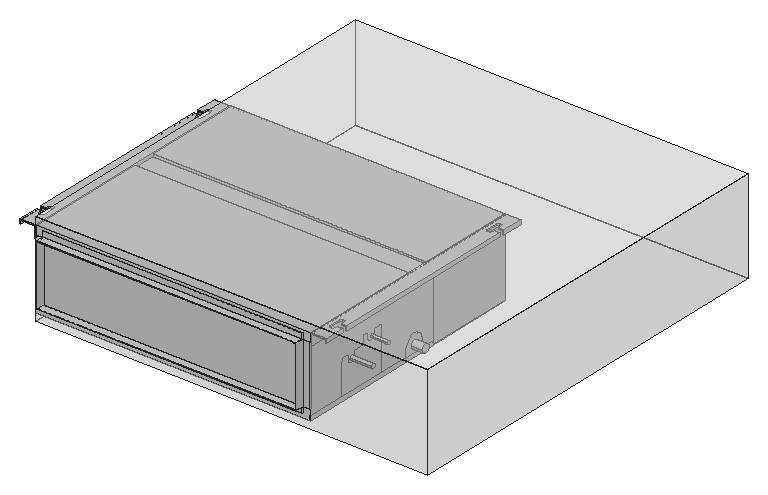
Revit family "outputfile", category 機械設備, Revit 2024
Family settings
  丸型コネクタ寸法 = 半径を使用
  パーツ タイプ = 標準
  OmniClass 番号 = 23.75.10.24.21.27.27
  OmniClass タイトル = Split System Air Conditioning Units
  作業面ベース = いいえ
  常に垂直 = はい
  ロード時にボイドで切り取り = いいえ
  注釈の向きを維持 = いいえ
  共有 = いいえ
  部屋計算ポイント = はい
Parameters (values of type "CDKS25EAVMA")
  Description = ""
  書き出し IFC クラス(タイプ) = "IfcUnitaryEquipmentType"
  定義済み IFC タイプ(タイプ) = "AIRCONDITIONINGUNIT"
  Cost = 0
  Type Comments = ""
  Keynote = ""
  Type Image = (empty or 0)
  Assembly Code = ""
  switch_frequency = yes
  ld_powersupply = Depth / 2  # 310.0 mm
  製造元 = "Daikin"
  モデル = "CDKS25EAVMA"
  r_Liquid Pipe Size = Liquid Pipe Size / 2  # 3.2 mm
  r_Gas Pipe Size = Gas Pipe Size / 2  # 4.75 mm
  r_Drain Pipe Size = Drain Pipe Size / 2  # 10.0 mm
  lw_powersupply = 50.0 mm  # constant formula
  lw_ductflange2 = 620.0 mm
  lw_Width = 660.0 mm
  lh_suctionflange [instance] = 100.0 mm  # constant formula
  ld_suctionflange [instance] = if(Rear Connection_Return Air, 190.0 mm, 100.0 mm)  # 190.0 mm
  connector_voltage = Voltage_50Hz  # 230 V
  connector_powerinput = [Power Input (Cooling)]  # 0.000 kW
  connector_phase = Phase_50Hz  # 1
  angle_vertical_RA [instance] = if(Rear Connection_Return Air, 90.00°, 0.00°)  # 90.00°
  angle horizontal_RA [instance] = if(Rear Connection_Return Air, 180.00°, 270.00°)  # 180.00°
  Voltage_comment_50Hz = "220 - 240"
  Voltage_50Hz = 230 V
  URL = ""
  Supply Air Direction [instance] = yes
  Sound Power Level_H speed (dB) = 0
  Rear Connection_Return Air [instance] = not(Bottom Connection_Return Air)  # yes
  RA_length [instance] = if(Rear Connection_Return Air, 190.0 mm, 100.0 mm)  # 190.0 mm
  Phase_50Hz = 1
  Minimum External Static Pressure = 0.00 Pa
  Minimum Circuit Amps_50Hz = 0.0 A
  Maximum Fuse Amps_50Hz = 0.0 A
  Maximum External Static Pressure = 30.00 Pa
  Material_Casing = DAIKIN_GalvanizedSteel_Casing_indoorunit
  lw_liquidpipe = 46.0 mm  # constant formula
  lw_gaspipe = 57.0 mm  # constant formula
  lw_mountinghole = 740.0 mm  # constant formula
  lw_drainpipe = 30.0 mm  # constant formula
  lh_powersupply = 150.0 mm  # constant formula
  lh_liquidpipe = 90.0 mm  # constant formula
  lh_gaspipe = 113.0 mm  # constant formula
  lh_mountinghole = Height  # 200.0 mm
  lh_drainpipe = 170.0 mm  # constant formula
  lh_antena = 1.0 mm  # constant formula
  ld_liquidpipe = 193.0 mm  # constant formula
  ld_gaspipe = 130.0 mm  # constant formula
  ld_mountinghole = 500.0 mm  # constant formula
  ld_drainpipe = 330.0 mm  # constant formula
  ld_controlbox = 626.0 mm  # constant formula
  h*** = 0.0 mm  # constant formula
  d_dischargeflange = 21.2 mm  # constant formula
  Width = 700.0 mm
  Version = "ver.1.0"
  Unit Type = "Duct (L.S.P)"
  Unit Mass Weight = 21.00 kg
  Unit Designation [instance] = ""
  Uniclass2015Version = "Products v1.30"
  Uniclass2015Title = "Split coil room air conditioning units"
  Uniclass2015Code = "Pr_70_65_03_86"
  Total Cooling Capacity [instance] = 0.000 kW
  Sound Pressure Level_M speed (dBA) = 33
  Sound Pressure Level_L speed (dBA) = 31
  Sound Pressure Level_H speed (dBA) = 35
  Series = "Multi Split_Fan Coil Unit"
  Sensible Cooling Capacity [instance] = 0.000 kW
  SA Duct Size Width = 660.0 mm
  SA Duct Size Height = 153.0 mm
  Refrigerant Type = "R410A"
  RA Duct Size Width = 580.0 mm
  RA Duct Size Height = 160.0 mm
  Power Input (Cooling) = 0.000 kW
  Option Accessory 3 [instance] = ""
  Option Accessory 2 [instance] = ""
  Option Accessory 1 [instance] = ""
  Nominal Cooling Capacity = 2.500 kW
  Minimum Airflow = 438.00 m³/h
  Median Airflow = 480.00 m³/h
  Maximum Airflow = 522.00 m³/h
  Load Classification = HVAC
  Liquid Pipe Size = 6.4 mm
  Link_Nested Family [instance] = ""
  IfcVersion = ""
  IfcExportType = "AIRCONDITIONINGUNIT"
  IfcExportAs = "IfcUnitaryEquipmentType"
  Height = 200.0 mm
  Heat Exchanger Type = "Cross Fin Coil"
  Gas Pipe Size = 9.5 mm
  Frequency_50Hz = 50 Hz
  Fan Type = "Sirocco Fan"
  Fan Drive = "Direct Drive"
  FCU Tag No. [instance] = ""
  Drain Pipe Size = 20.0 mm
  Design Supply Airflow [instance] = 0.00 m³/h
  Design Return Airflow [instance] = 0.00 m³/h
  Design External Static Pressure [instance] = 0.00 Pa
  Depth = 620.0 mm
  既定の高さ = 0.0 mm
  Cooling Entering Wet Bulb Temperature [instance] = 0.00 °C
  Cooling Entering Dry Bulb Temperature [instance] = 0.00 °C
  Cooling Ambient Wet Bulb Temperature [instance] = 0.00 °C
  Cooling Ambient Dry Bulb Temperature [instance] = 0.00 °C
  Clearance visibility [instance] = yes
  Clearance Top = 20.0 mm
  Clearance Right = 300.0 mm
  Clearance Rear = 400.0 mm
  Clearance Left = 0.0 mm
  Clearance Front = 0.0 mm
  Clearance Bottom = 20.0 mm
  Bottom Connection_Return Air [instance] = no
Reference planes
  plane 1 "Center (Front/Back)": y = 0
  plane 2: z = 0
  plane 3 "Center (Left/Right)": x = 0
  plane 4 "Back": y = 310
  plane 5 "Front": y = -310
  plane 6 "Left": x = -350
  plane 7 "Right": x = 350
  plane 8 "Top": z = 0
  plane 9 "Bottom": z = -200
  plane 10: x = -370
  plane 11: x = 370
  plane 12: y = 250
  plane 13: z = 0
  plane 14 "Clearance Left": x = -350
  plane 15 "Clearance Right": x = 650
  plane 16 "Clearance Rear": y = 710
  plane 17 "Clearance Front": y = -310
  plane 18 "Clearance Top": z = 20
  plane 19 "Clearance Bottom": z = -220
  plane 20: y = -250
  plane 21: z = -21
  plane 22: z = -97.5
  plane 23: x = -40
  plane 24: y = 120
  plane 25: z = -100
  plane 26: y = -180
  plane 27: z = -113
  plane 28: y = -117
  plane 29: z = -90
  plane 30: y = 20
  plane 31: z = -170
  plane 32: x = 407
  plane 33: x = 396
  plane 34: x = 380
  plane 35: x = 300
  plane 36: z = -150
Forms (mm)
  Extrusion 1, solid, material "DAIKIN_GalvanizedSteel_Casing_indoorunit" <- "Material_Casing"
    sketch origin (0, 0, 0) x (1, 0, 0) y (0, 1, 0)
      loop
        line (-350, -310) -> (350, -310) -> (350, 310) -> (-350, 310) -> (-350, -310)
    from -200 to 0
  Extrusion 2, void
    sketch origin (0, 0, 1) x (1, 0, 0) y (0, 1, 0)
      loop
        line (-350, 61.5) -> (-350, 3.5) -> (350, 3.5) -> (350, 61.5) -> (-350, 61.5)
    from -1 to -7
  Extrusion 3, solid, material "DAIKIN_GalvanizedSteel_Casing_indoorunit" <- "Material_Casing", visible <- "Bottom Connection_Return Air"
    sketch origin (0, 0, 0) x (1, 0, 0) y (0, 0, 1)
      loop
        line (269, -200) -> (269, -1) -> (-349, -1) -> (-349, -200) -> (269, -200)
    from -310 to -309
  Extrusion 4, solid, material "DAIKIN_GalvanizedSteel_Casing_indoorunit" <- "Material_Casing", visible <- "Rear Connection_Return Air"
    sketch origin (0, 0, 0) x (1, 0, 0) y (0, 1, 0)
      loop
        line (-349, 310) -> (-349, 111) -> (269, 111) -> (269, 310) -> (-349, 310)
    from -200 to -199
  Extrusion 5, solid, material "DAIKIN_GalvanizedSteel_Casing_indoorunit" <- "Material_Casing"
    sketch origin (350, 0, 0) x (0, 1, 0) y (0, 0, 1)
      loop
        circle (-180, -113) r 4.75
    from 0 to 57
  Extrusion 6, solid, material "DAIKIN_GalvanizedSteel_Casing_indoorunit" <- "Material_Casing"
    sketch origin (350, 0, 0) x (0, 1, 0) y (0, 0, 1)
      loop
        circle (-117, -90) r 3.2
    from 0 to 46
  Extrusion 7, solid, material "DAIKIN_GalvanizedSteel_Casing_indoorunit" <- "Material_Casing"
    sketch origin (350, 0, 0) x (0, 1, 0) y (0, 0, 1)
      loop
        circle (20, -170) r 10
    from 0 to 30
  Extrusion 8, solid, material "DAIKIN_GalvanizedSteel_Casing_indoorunit" <- "Material_Casing"
    sketch origin (350, 0, 0) x (0, 1, 0) y (0, 0, 1)
      loop
        line (-310, -200) -> (78.6, -200) -> (78.6, -193)
        arc (78.6, -193) -> (77.721, -190.879) -> (75.6, -190) r 3
        line (75.6, -190) -> (-310, -190) -> (-310, -200)
    from 0 to -1
  Extrusion 9, solid, material "DAIKIN_GalvanizedSteel_Casing_indoorunit" <- "Material_Casing"
    sketch origin (350, 0, 0) x (0, 1, 0) y (0, 0, 1)
      loop
        line (-210, -190) -> (-85.6, -190) -> (-85.6, -83)
        arc (-85.6, -83) -> (-86.479, -80.879) -> (-88.6, -80) r 3
        line (-88.6, -80) -> (-102, -80)
        arc (-102, -80) -> (-104.121, -80.879) -> (-105, -83) r 3
        line (-105, -83) -> (-105, -90)
        arc (-105, -90) -> (-117, -102) -> (-129, -90) r 12
        line (-129, -90) -> (-129, -83)
        arc (-129, -83) -> (-129.879, -80.879) -> (-132, -80) r 3
        line (-132, -80) -> (-136.1, -80)
        arc (-136.1, -80) -> (-138.221, -80.879) -> (-139.1, -83) r 3
        line (-139.1, -83) -> (-139.1, -102.7) -> (-165, -102.7)
        arc (-165, -102.7) -> (-167.121, -103.579) -> (-168, -105.7) r 3
        line (-168, -105.7) -> (-168, -113)
        arc (-168, -113) -> (-180, -125) -> (-192, -113) r 12
        line (-192, -113) -> (-192, -105.7)
        arc (-192, -105.7) -> (-192.879, -103.579) -> (-195, -102.7) r 3
        line (-195, -102.7) -> (-207, -102.7)
        arc (-207, -102.7) -> (-209.121, -103.579) -> (-210, -105.7) r 3
        line (-210, -105.7) -> (-210, -190)
    from 0 to -1
  Extrusion 10, solid, material "DAIKIN_GalvanizedSteel_Casing_indoorunit" <- "Material_Casing"
    sketch origin (350, 0, 0) x (0, 1, 0) y (0, 0, 1)
      loop
        arc (44.5, -170) -> (20, -145.5) -> (-4.5, -170) r 24.5
        line (-4.5, -170) -> (-4.5, -190) -> (44.5, -190) -> (44.5, -170)
    from 0 to -1
  Extrusion 11, solid, material "DAIKIN_GalvanizedSteel_Casing_indoorunit" <- "Material_Casing"
    sketch origin (350, 0, 0) x (0, 1, 0) y (0, 0, 1)
      loop
        arc (86.6, -22) -> (84.479, -22.879) -> (83.6, -25) r 3
        line (83.6, -25) -> (83.6, -194.5)
        arc (83.6, -194.5) -> (84.479, -196.621) -> (86.6, -197.5) r 3
        line (86.6, -197.5) -> (307, -197.5)
        arc (307, -197.5) -> (309.121, -196.621) -> (310, -194.5) r 3
        line (310, -194.5) -> (310, -25)
        arc (310, -25) -> (309.121, -22.879) -> (307, -22) r 3
        line (307, -22) -> (86.6, -22)
    from 0 to -1
Cuts and joins
  Extrusion 2 cuts Extrusion 1
Dimensions and locks
  "Height": plane 8 "Top" to plane 9 "Bottom"
  equal spacing: plane 10, plane 3 "Center (Left/Right)", plane 11
  "lw_mountinghole": plane 10 to plane 11
  equal spacing: plane 6 "Left", plane 3 "Center (Left/Right)", plane 7 "Right"
  "Width": plane 6 "Left" to plane 7 "Right"
  "Clearance Right": plane 7 "Right" to plane 15 "Clearance Right"
  "Clearance Left": plane 14 "Clearance Left" to plane 6 "Left"
  "Clearance Rear": plane 16 "Clearance Rear" to plane 4 "Back"
  "Clearance Front": plane 5 "Front" to plane 17 "Clearance Front"
  "Clearance Top": plane 18 "Clearance Top" to plane 8 "Top"
  "Clearance Bottom": plane 9 "Bottom" to plane 19 "Clearance Bottom"
  "Depth": plane 4 "Back" to plane 5 "Front"
  equal spacing: plane 4 "Back", plane 1 "Center (Front/Back)", plane 5 "Front"
  Extrusion 3 sketch curve to Extrusion 3 sketch curve = 199.0 mm
  locked: plane 20 to plane 5 "Front" at 60
  "ld_mountinghole": plane 12 to plane 20
  locked: plane 8 "Top" to plane 21 at 21
  locked: plane 23 to plane 3 "Center (Left/Right)" at 40
  "ld_suctionflange": plane 4 "Back" to plane 24
  "lh_suctionflange": plane 8 "Top" to plane 25
  "ld_gaspipe": plane 26 to plane 5 "Front"
  "lh_gaspipe": plane 8 "Top" to plane 27
  "ld_liquidpipe": plane 28 to plane 5 "Front"
  "lh_liquidpipe": plane 8 "Top" to plane 29
  "ld_drainpipe": plane 30 to plane 5 "Front"
  "lh_drainpipe": plane 8 "Top" to plane 31
  "lw_gaspipe": plane 7 "Right" to plane 32
  "lw_liquidpipe": plane 7 "Right" to plane 33
  "lw_drainpipe": plane 7 "Right" to plane 34
  "lw_powersupply": plane 35 to plane 7 "Right"
  "lh_powersupply": plane 8 "Top" to plane 36
  "r_Gas Pipe Size": radius of Extrusion 5 sketch curve
  "r_Liquid Pipe Size": radius of Extrusion 6 sketch curve
  "r_Drain Pipe Size": radius of Extrusion 7 sketch curve
  aligned and locked: level to plane 2
  aligned and locked: Extrusion 1 to plane 9 "Bottom"
  aligned and locked: plane 8 "Top" to Extrusion 1
  aligned and locked: plane 11 to nested 2
  aligned and locked: plane 10 to nested 3
  aligned and locked: plane 10 to nested 4
  aligned and locked: plane 8 "Top" to Extrusion 2
  aligned and locked: plane 9 "Bottom" to Extrusion 4  (x2)
  aligned and locked: plane 7 "Right" to cut or joined group of Extrusion 1, Extrusion 2  (x2)
  aligned and locked: plane 3 "Center (Left/Right)" to nested 9
  aligned and locked: plane 6 "Left" to nested 7
  aligned and locked: plane 8 "Top" to nested 9
  aligned and locked: plane 11 to nested 1
  aligned and locked: nested 6 to plane 1 "Center (Front/Back)"
  aligned and locked: plane 3 "Center (Left/Right)" to nested 6
  aligned and locked: level to plane 8 "Top"
  aligned and locked: plane 1 "Center (Front/Back)" to nested 9
  aligned and locked: plane 5 "Front" to nested 10
  aligned and locked: Extrusion 1 sketch curve to plane 5 "Front"
  aligned and locked: plane 21 to nested 10
  aligned and locked: nested 5 to plane 5 "Front"
  aligned and locked: plane 3 "Center (Left/Right)" to nested 5
  aligned and locked: plane 22 to nested 5
  aligned and locked: Extrusion 2 sketch curve to plane 6 "Left"
  aligned and locked: plane 7 "Right" to Extrusion 2 sketch curve
  aligned and locked: nested 11 to plane 23
  aligned and locked: nested 11 to plane 24
  aligned and locked: plane 27 to Extrusion 5 sketch curve
  aligned and locked: plane 26 to Extrusion 5 sketch curve
  aligned and locked: plane 28 to Extrusion 6 sketch curve
  aligned and locked: plane 29 to Extrusion 6 sketch curve
  aligned and locked: plane 31 to Extrusion 7 sketch curve
  aligned and locked: plane 30 to Extrusion 7 sketch curve
  aligned and locked: plane 26 to nested 12
  aligned and locked: nested 12 to plane 27
  aligned and locked: plane 32 to Extrusion 5
  aligned and locked: plane 32 to nested 12
  aligned and locked: plane 33 to Extrusion 6
  aligned and locked: plane 28 to nested 13
  aligned and locked: nested 13 to plane 29
  aligned and locked: plane 33 to nested 13
  aligned and locked: plane 34 to Extrusion 7
  aligned and locked: plane 30 to nested 14
  aligned and locked: nested 14 to plane 31
  aligned and locked: plane 34 to nested 14
  aligned and locked: Extrusion 8 sketch curve to plane 9 "Bottom"
  aligned and locked: Extrusion 8 sketch curve to plane 5 "Front"
  aligned and locked: plane 14 "Clearance Left" to nested 15
  aligned and locked: plane 15 "Clearance Right" to nested 15
  aligned and locked: plane 16 "Clearance Rear" to nested 15
  aligned and locked: nested 15 to plane 17 "Clearance Front"
  aligned and locked: nested 15 to plane 18 "Clearance Top"
  aligned and locked: nested 15 to plane 19 "Clearance Bottom"
  aligned and locked: nested 16 to plane 35
  aligned and locked: nested 16 to plane 36
  aligned and locked: plane 4 "Back" to nested 16
Automatic sketch dimensions
  Extrusion 1 sketch curve to plane 4 "Back" = 0.0 mm
  Extrusion 1 sketch curve to plane 6 "Left" = 0.0 mm
  Extrusion 1 sketch curve to plane 7 "Right" = 0.0 mm
  Extrusion 4 sketch curve to plane 4 "Back" = 0.0 mm
  plane 6 "Left" to Extrusion 3 sketch curve = 1.0 mm
  plane 6 "Left" to Extrusion 4 sketch curve = 1.0 mm
  Extrusion 4 sketch curve to plane 1 "Center (Front/Back)" = 111.0 mm
  Extrusion 3 sketch curve to plane 9 "Bottom" = 0.0 mm
  Extrusion 3 sketch curve to plane 7 "Right" = 81.0 mm
  Extrusion 4 sketch curve to plane 7 "Right" = 81.0 mm
  Extrusion 2 sketch curve to plane 1 "Center (Front/Back)" = 3.5 mm
  Extrusion 2 sketch curve to Extrusion 2 sketch curve = 58.0 mm
  plane 9 "Bottom" to Extrusion 8 sketch curve = 7.0 mm
  Extrusion 8 sketch curve to plane 24 = 44.4 mm
  Extrusion 8 sketch curve to Extrusion 8 sketch curve = 3.0 mm
  Extrusion 9 sketch curve to plane 27 = 0.0 mm
  Extrusion 9 sketch curve to plane 26 = 0.0 mm
  Extrusion 9 sketch curve to plane 29 = 0.0 mm
  Extrusion 9 sketch curve to plane 28 = 0.0 mm
  Extrusion 9 sketch curve to plane 26 = 12.0 mm
  Extrusion 9 sketch curve to plane 25 = 2.7 mm  (x2)
  Extrusion 9 sketch curve to Extrusion 9 sketch curve = 3.0 mm  (x6)
  Extrusion 9 sketch curve to Extrusion 9 sketch curve = 12.0 mm
  plane 9 "Bottom" to Extrusion 9 sketch curve = 10.0 mm
  Extrusion 9 sketch curve to plane 26 = 30.0 mm
  Extrusion 9 sketch curve to plane 28 = 22.1 mm
  Extrusion 9 sketch curve to Extrusion 9 sketch curve = 4.1 mm
  plane 29 to Extrusion 9 sketch curve = 7.0 mm  (x2)
  Extrusion 9 sketch curve to Extrusion 9 sketch curve = 13.4 mm
  Extrusion 10 sketch curve to plane 30 = 0.0 mm
  Extrusion 10 sketch curve to plane 31 = 0.0 mm
  plane 1 "Center (Front/Back)" to Extrusion 10 sketch curve = 4.5 mm
  plane 9 "Bottom" to Extrusion 10 sketch curve = 10.0 mm
  Extrusion 11 sketch curve to plane 4 "Back" = 0.0 mm
  Extrusion 11 sketch curve to Extrusion 11 sketch curve = 3.0 mm  (x3)
  Extrusion 11 sketch curve to plane 21 = 1.0 mm
  Extrusion 11 sketch curve to plane 21 = 4.0 mm
  Extrusion 11 sketch curve to plane 24 = 33.4 mm
  plane 9 "Bottom" to Extrusion 11 sketch curve = 5.5 mm
Nested families
  nested 1: "daikin_mountinghole" at (370, 250, -200), l_antenna <- "lh_antena", Link_Nested Family <- "Link_Nested Family", h_mountinghole <- "lh_mountinghole", type "daikin_mountinghole"
    with show yes, l_antenna 1.0 mm, h_mountinghole 200.0 mm, Link_Nested Family ""
  nested 2: "daikin_mountinghole" at (370, -250, -200), Link_Nested Family <- "Link_Nested Family", l_antenna <- "lh_antena", h_mountinghole <- "lh_mountinghole", type "daikin_mountinghole"
    with show yes, l_antenna 1.0 mm, h_mountinghole 200.0 mm, Link_Nested Family ""
  nested 3: "daikin_mountinghole" at (-370, -250, -200), l_antenna <- "lh_antena", Link_Nested Family <- "Link_Nested Family", h_mountinghole <- "lh_mountinghole", type "daikin_mountinghole"
    with show yes, l_antenna 1.0 mm, h_mountinghole 200.0 mm, Link_Nested Family ""
  nested 4: "daikin_mountinghole" at (-370, 250, -200), l_antenna <- "lh_antena", Link_Nested Family <- "Link_Nested Family", h_mountinghole <- "lh_mountinghole", type "daikin_mountinghole"
    with show yes, l_antenna 1.0 mm, h_mountinghole 200.0 mm, Link_Nested Family ""
  nested 5: "daikin_connector_rotate2" at (0, -310, -97.5), length <- "d_dischargeflange", type "daikin_connector_rotate2"
    with radius 10.0 mm, length 21.2 mm, angle_vertical 90.00°, show_face no
  nested 6: "daikin_△_symbolicline" at (-75, -129.904, 200) x (-0.5, 0.866, 0) z (0, 0, 1), built-in parameter 1001364 <- "Height", visible <- "Supply Air Direction", type "daikin_△_symbolicline"
    with length 300.0 mm
  nested 7: "daikin_ductflange_CDKS-EAVMA1" at (-40, 310, -100), visible <- "Rear Connection_Return Air", material <- "Material_Casing", width <- "lw_ductflange2", type "daikin_ductflange_CDKS-EAVMA1"
    with width 620.0 mm, material DAIKIN_GalvanizedSteel_Casing_indoorunit, height 180.0 mm, depth 21.2 mm
  nested 8: "daikin_ductflange_CDKS-EAVMA1" at (-40, 210, -200) x (1, 0, 0) z (0, 1, 0), visible <- "Bottom Connection_Return Air", material <- "Material_Casing", width <- "lw_ductflange2", type "daikin_ductflange_CDKS-EAVMA1"
    with width 620.0 mm, material DAIKIN_GalvanizedSteel_Casing_indoorunit, height 180.0 mm, depth 21.2 mm
  nested 9: "daikin_hangerfixture_CDKS-EAVMA" at (0, 0, 0), type "daikin_hangerfixture_CDKS-EAVMA"
  nested 10: "daikin_ductflange_CDKS-EAVMA" at (0, 3.5, -364.201), width <- "lw_Width", material <- "Material_Casing", type "daikin_ductflange_CDKS-EAVMA"
    with width 660.0 mm, material DAIKIN_GalvanizedSteel_Casing_indoorunit, height 155.0 mm, depth 21.2 mm
  nested 11: "daikin_connector_rotate3" at (-40, 120, -100), length <- "RA_length", angle_vertical <- "angle_vertical_RA", angle_horizontal <- "angle horizontal_RA", type "daikin_connector_rotate3"
    with show no, radius 10.0 mm, length 190.0 mm, angle_vertical 90.00°, angle_horizontal 180.00°
  nested 12: "daikin_connector_rotate2" at (350, -180, -113) x (0, 1, 0) z (0, 0, 1), length <- "lw_gaspipe", radius <- "r_Gas Pipe Size", type "daikin_connector_rotate2"
    with radius 4.75 mm, length 57.0 mm, angle_vertical 90.00°, show_face no
  nested 13: "daikin_connector_rotate2" at (350, -117, -90) x (0, 1, 0) z (0, 0, 1), radius <- "r_Liquid Pipe Size", length <- "lw_liquidpipe", type "daikin_connector_rotate2"
    with radius 3.2 mm, length 46.0 mm, angle_vertical 90.00°, show_face no
  nested 14: "daikin_connector_rotate2" at (350, 20, -170) x (0, 1, 0) z (0, 0, 1), radius <- "r_Drain Pipe Size", length <- "lw_drainpipe", type "daikin_connector_rotate2"
    with radius 10.0 mm, length 30.0 mm, angle_vertical 90.00°, show_face no
  nested 15: "daikin_clearancespace" at (150, 200, -99.881), visible <- "Clearance visibility", Link_Nested Family <- "Link_Nested Family", show <- "Clearance visibility", type "daikin_clearancespace"
    with width 1000.0 mm, show yes, height 240.0 mm, depth 1020.0 mm, Link_Nested Family ""
  nested 16: "daikin_connector_rotate2" at (300, 0, -150) x (-1, 0, 0) z (0, 0, 1), length <- "ld_powersupply", type "daikin_connector_rotate2"
    with radius 10.0 mm, length 310.0 mm, angle_vertical 90.00°, show_face no
Connectors
  hvac at (0, -331.2, -97.5), driven by "SA Duct Size Height", driven by "SA Duct Size Width"
    settings: on nested 5, index 1, duct flow 0.00 m³/h, flow factor 0, pres drop 0.00 Pa, loss coef 0, conn angle 0.00°, conn width 660.0 mm, conn height 153.0 mm, conn diameter 609.6 mm, duct sys type 1, conn prof type 1, flow config 0, flow direction 2, loss method 4, conn ref index -1, conn util no, is conn primary yes, conn desc "SA Duct"
  hvac at (-40, 310, -100), driven by "RA Duct Size Height", driven by "RA Duct Size Width"
    settings: on nested 11, index 2, duct flow 0.00 m³/h, flow factor 0, pres drop 0.00 Pa, loss coef 0, conn angle 0.00°, conn width 580.0 mm, conn height 160.0 mm, conn diameter 609.6 mm, duct sys type 2, conn prof type 1, flow config 0, flow direction 1, loss method 4, conn ref index -1, conn util no, is conn primary no, conn desc "RA Duct"
  piping at (407, -180, -113), diameter 9.5, driven by "r_Gas Pipe Size"
    settings: on nested 12, index 3, connector inside diameter 609.6 mm, connector length 0.0 mm, flow factor 0, pipe flow 0.00 m³/h, pressure drop 0.0 Pa, fitting loss kfactor 0, connector angle 0.00°, fixture units 0, engagement length 0.0 mm, angle of deflection 0.00°, flow configuration 1, flow direction 2, fitting loss method 0, system type 29, joint type 0, gender type 0, connector reference index -1, connector utility 0, adjustable connector no, is connector primary yes, connector description "Refrigerant Gas Piping"
  piping at (396, -117, -90), diameter 6.4, driven by "r_Liquid Pipe Size"
    settings: on nested 13, index 4, connector inside diameter 609.6 mm, connector length 0.0 mm, flow factor 0, pipe flow 0.00 m³/h, pressure drop 0.0 Pa, fitting loss kfactor 0, connector angle 0.00°, fixture units 0, engagement length 0.0 mm, angle of deflection 0.00°, flow configuration 1, flow direction 1, fitting loss method 0, system type 29, joint type 0, gender type 0, connector reference index -1, connector utility 0, adjustable connector no, is connector primary no, connector description "Refrigerant Liquid Piping"
  piping at (380, 20, -170), diameter 20, driven by "r_Drain Pipe Size"
    settings: on nested 14, index 5, connector inside diameter 609.6 mm, connector length 0.0 mm, flow factor 0, pipe flow 0.00 m³/h, pressure drop 0.0 Pa, fitting loss kfactor 0, connector angle 0.00°, fixture units 0, engagement length 0.0 mm, angle of deflection 0.00°, flow configuration 1, flow direction 2, fitting loss method 4, system type 16, joint type 0, gender type 0, connector reference index -1, connector utility 0, adjustable connector no, is connector primary no, connector description "Condensate Drain Piping"
  electrical at (300, 310, -150), driven by "Load Classification", driven by "connector_voltage", driven by "connector_powerinput", driven by "connector_phase"
    settings: on nested 16, index 6, voltage 230 V, apparent load 0 VA, apparent load phase1 0 VA, apparent load phase2 0 VA, apparent load phase3 0 VA, power factor 1, load classification "HVAC", number of poles 1, system type 30, power factor state 1, is connector primary yes, connector utility no, sub classification motor no, connector description "Power Supply"
Definition of nested family "daikin_ductflange_CDKS-EAVMA1"
  Parameters (values of type "daikin_ductflange_CDKS-EAVMA1")
    width [instance] = 620.0 mm
    material [instance] = none
    height [instance] = 180.0 mm
    depth [instance] = 21.2 mm
    Default Elevation = 0.0 mm
  Reference planes
    plane 1 "Center (Front/Back)": y = 0
    plane 2: z = 0
    plane 3 "Center (Left/Right)": x = 0
    plane 4: x = -310
    plane 5: x = 310
    plane 6: z = 90
    plane 7: z = -90
    plane 8: z = 100
    plane 9: z = -100
    plane 10: x = -309
    plane 11: x = 309
  Forms (mm)
    Extrusion 1, solid, material <- "material"
      sketch origin (0, 0, 0) x (1, 0, 0) y (0, 0, 1)
        loop
          line (-290, 80) -> (-290, -80) -> (290, -80) -> (290, 80) -> (-290, 80)
        loop
          line (-309, -99) -> (309, -99) -> (309, 99) -> (-309, 99) -> (-309, -99)
      from 0 to 1
  Dimensions and locks
    equal spacing: plane 5, plane 3 "Center (Left/Right)", plane 4, locked at 310 each
    "width": plane 5 to plane 4
    equal spacing: plane 6, level, plane 7, locked at 90 each
    "height": plane 6 to plane 7
    equal spacing: plane 8, level, plane 9, locked at 100 each
    locked: plane 8 to plane 9 at 200
    plane 10 to plane 4 = 1.0 mm
    locked: plane 5 to plane 11 at 1
    locked: Extrusion 1 sketch curve to Extrusion 1 sketch curve at 19  (x4)
    locked: plane 8 to Extrusion 1 sketch curve at 1
    locked: Extrusion 1 sketch curve to plane 9 at 1
    aligned and locked: level to plane 2
  Automatic sketch dimensions
    plane 4 to Extrusion 1 sketch curve = 1.0 mm
    Extrusion 1 sketch curve to plane 5 = 1.0 mm
Definition of nested family "daikin_hangerfixture_CDKS-EAVMA"
  Parameters (values of type "daikin_hangerfixture_CDKS-EAVMA")
    width = 700.0 mm
    material = none
    height = 30.0 mm
    depth = 618.0 mm
    Default Elevation = 0.0 mm
  Reference planes
    plane 1 "Center (Front/Back)": y = 0
    plane 2: z = 0
    plane 3 "Center (Left/Right)": x = 0
    plane 4: x = 350
    plane 5: y = 309
    plane 6: y = -309
    plane 7: x = -350
    plane 8: z = -30
  Forms (mm)
    Extrusion 1, solid, material <- "material"
      sketch origin (0, 0, 0) x (1, 0, 0) y (0, 0, 1)
        loop
          line (350, 0) -> (350, -30) -> (352.3, -30) -> (352.3, -2.3) -> (387.7, -2.3) -> (387.7, -10) -> (390, -10) -> (390, 0) -> (350, 0)
      from -309 to 309
    Extrusion 2, void
      sketch origin (0, 0, 0) x (0, 1, 0) y (0, 0, 1)
        loop
          line (309, -30) -> (309, -17.979) -> (87.935, -17.979) -> (75.914, -30) -> (309, -30)
      from 0 to 450
    Extrusion 3, void
      sketch origin (0, 0, 0) x (1, 0, 0) y (0, 1, 0)
        loop
          line (390, -243.5) -> (377, -243.5) -> (377, -237)
          arc (377, -237) -> (370, -230) -> (363, -237) r 7
          line (363, -237) -> (363, -263)
          arc (363, -263) -> (370, -270) -> (377, -263) r 7
          line (377, -263) -> (377, -256.5) -> (390, -256.5) -> (390, -243.5)
        loop
          line (390, 243.5) -> (390, 256.5) -> (377, 256.5) -> (377, 263)
          arc (377, 263) -> (370, 270) -> (363, 263) r 7
          line (363, 263) -> (363, 237)
          arc (363, 237) -> (370, 230) -> (377, 237) r 7
          line (377, 237) -> (377, 243.5) -> (390, 243.5)
      from -254.96 to 618
    Extrusion 4, solid, material <- "material"
      sketch origin (0, 0, 0) x (-1, 0, 0) y (0, 0, -1)
        loop
          line (350, 0) -> (390, 0) -> (390, 10) -> (387.7, 10) -> (387.7, 2.3) -> (352.3, 2.3) -> (352.3, 30) -> (350, 30) -> (350, 0)
      from -309 to 309
    Extrusion 5, void
      sketch origin (0, 0, 0) x (-1, 0, 0) y (0, -1, 0)
        loop
          line (390, 243.5) -> (390, 256.5) -> (377, 256.5) -> (377, 263)
          arc (377, 263) -> (370, 270) -> (363, 263) r 7
          line (363, 263) -> (363, 237)
          arc (363, 237) -> (370, 230) -> (377, 237) r 7
          line (377, 237) -> (377, 243.5) -> (390, 243.5)
        loop
          line (390, -243.5) -> (377, -243.5) -> (377, -237)
          arc (377, -237) -> (370, -230) -> (363, -237) r 7
          line (363, -237) -> (363, -263)
          arc (363, -263) -> (370, -270) -> (377, -263) r 7
          line (377, -263) -> (377, -256.5) -> (390, -256.5) -> (390, -243.5)
      from -254.96 to 618
  Cuts and joins
    Extrusion 2, Extrusion 3, Extrusion 5 cuts Extrusion 1
    Extrusion 5 cuts Extrusion 4
  Dimensions and locks
    equal spacing: plane 5, plane 1 "Center (Front/Back)", plane 6
    "depth": plane 5 to plane 6
    plane 6 to plane 1 "Center (Front/Back)" to plane 5 = 309.0 mm, 309.0 mm
    equal spacing: plane 4, plane 3 "Center (Left/Right)", plane 7
    "width": plane 4 to plane 7
    "height": level to plane 8
    aligned and locked: level to plane 2
    aligned and locked: plane 5 to Extrusion 1
    aligned and locked: Extrusion 1 to plane 6
    aligned and locked: Extrusion 1 to plane 4
    aligned and locked: plane 5 to cut or joined group of Extrusion 1, Extrusion 2, Extrusion 3, Extrusion 5
    aligned and locked: cut or joined group of Extrusion 1, Extrusion 2, Extrusion 3, Extrusion 5 to plane 6
    aligned and locked: level to cut or joined group of Extrusion 1, Extrusion 2, Extrusion 3, Extrusion 5
    aligned and locked: cut or joined group of Extrusion 1, Extrusion 2, Extrusion 3, Extrusion 5 to plane 8
    aligned and locked: plane 5 to cut or joined group of Extrusion 4, Extrusion 5
    aligned and locked: cut or joined group of Extrusion 4, Extrusion 5 to plane 6
  Automatic sketch dimensions
    Extrusion 1 sketch curve to plane 4 = 0.0 mm
    Extrusion 1 sketch curve to plane 8 = 0.0 mm
    Extrusion 1 sketch curve to level = 0.0 mm
    plane 4 to Extrusion 1 sketch curve = 2.3 mm
    Extrusion 1 sketch curve to level = 2.3 mm
    Extrusion 1 sketch curve to Extrusion 1 sketch curve = 35.4 mm
    Extrusion 1 sketch curve to Extrusion 1 sketch curve = 2.3 mm
    Extrusion 1 sketch curve to Extrusion 1 sketch curve = 7.7 mm
    Extrusion 2 sketch curve to plane 8 = 0.0 mm
    Extrusion 2 sketch curve to plane 5 = 0.0 mm
    plane 8 to Extrusion 2 sketch curve = 12.021 mm
    Extrusion 2 sketch curve to plane 1 "Center (Front/Back)" = 87.935 mm
    Extrusion 2 sketch curve to Extrusion 2 sketch curve = 12.021 mm
    plane 4 to Extrusion 3 sketch curve = 13.0 mm  (x2)
    Extrusion 3 sketch curve to Extrusion 3 sketch curve = 7.0 mm  (x4)
    Extrusion 3 sketch curve to Extrusion 3 sketch curve = 13.0 mm  (x4)
    plane 6 to Extrusion 3 sketch curve = 46.0 mm
    Extrusion 3 sketch curve to Extrusion 3 sketch curve = 6.5 mm  (x4)
    Extrusion 3 sketch curve to plane 5 = 72.0 mm
    Extrusion 4 sketch curve to plane 7 = 0.0 mm
    Extrusion 4 sketch curve to plane 8 = 0.0 mm
    Extrusion 4 sketch curve to level = 0.0 mm
    Extrusion 4 sketch curve to plane 7 = 2.3 mm
    Extrusion 4 sketch curve to level = 2.3 mm
    Extrusion 4 sketch curve to Extrusion 4 sketch curve = 35.4 mm
    Extrusion 4 sketch curve to Extrusion 4 sketch curve = 2.3 mm
    Extrusion 4 sketch curve to Extrusion 4 sketch curve = 7.7 mm
    Extrusion 5 sketch curve to plane 7 = 13.0 mm  (x2)
    Extrusion 5 sketch curve to Extrusion 5 sketch curve = 7.0 mm  (x4)
    Extrusion 5 sketch curve to Extrusion 5 sketch curve = 13.0 mm  (x4)
    Extrusion 5 sketch curve to plane 5 = 46.0 mm
    Extrusion 5 sketch curve to Extrusion 5 sketch curve = 6.5 mm  (x4)
    plane 6 to Extrusion 5 sketch curve = 72.0 mm
Definition of nested family "daikin_ductflange_CDKS-EAVMA"
  Parameters (values of type "daikin_ductflange_FXDQ-NDVET")
    width [instance] = 660.0 mm
    material [instance] = none
    height [instance] = 155.0 mm
    depth [instance] = 21.2 mm
    Default Elevation = 0.0 mm
  Reference planes
    plane 1 "Center (Front/Back)": y = 0
    plane 2: z = 189.201
    plane 3 "Center (Left/Right)": x = 0
    plane 4: y = -313.5
    plane 5: x = -330
    plane 6: x = 330
    plane 7: y = -334.7
    plane 8: z = 344.201
    plane 9: z = 266.701
    plane 10: z = 343.201
    plane 11: z = 190.201
  Forms (mm)
    Extrusion 1, solid, material <- "material"
      sketch origin (0, 0, 189.201) x (1, 0, 0) y (0, 1, 0)
        loop
          line (-330, -334.7) -> (-330, -313.5) -> (-350, -313.5) -> (-350, -314.5) -> (-331, -314.5) -> (-331, -334.7) -> (-330, -334.7)
        loop
          line (330, -334.7) -> (331, -334.7) -> (331, -314.5) -> (350, -314.5) -> (350, -313.5) -> (330, -313.5) -> (330, -334.7)
      from 1 to 154
    Extrusion 2, solid, material <- "material"
      sketch origin (0, 0, 0) x (0, 1, 0) y (0, 0, 1)
        loop
          line (-313.5, 343.201) -> (-313.5, 358.201) -> (-314.5, 358.201) -> (-314.5, 344.201) -> (-334.7, 344.201) -> (-334.7, 343.201) -> (-313.5, 343.201)
        loop
          line (-313.5, 190.201) -> (-334.7, 190.201) -> (-334.7, 189.201) -> (-314.5, 189.201) -> (-314.5, 175.201) -> (-313.5, 175.201) -> (-313.5, 190.201)
      from -330 to 330
  Dimensions and locks
    plane 4 to plane 1 "Center (Front/Back)" = 313.5 mm
    "depth": plane 7 to plane 4
    equal spacing: plane 8, plane 9, level
    "height": plane 8 to level
    equal spacing: plane 6, plane 3 "Center (Left/Right)", plane 5
    "width": plane 6 to plane 5
    locked: plane 8 to plane 10 at 1
    locked: plane 11 to level at 1
    locked: Extrusion 1 to Extrusion 2 sketch curve at 1
    locked: Extrusion 2 sketch curve to Extrusion 1 at 1
    plane 10 to plane 11 = 153.0 mm
    aligned and locked: level to plane 2
    aligned and locked: Extrusion 2 to plane 5
    aligned and locked: Extrusion 2 to plane 11
    aligned and locked: Extrusion 2 to plane 10
    aligned and locked: plane 6 to Extrusion 2
    aligned and locked: plane 5 to Extrusion 2  (x2)
    aligned and locked: plane 5 to Extrusion 1  (x2)
    aligned and locked: Extrusion 1 to plane 6
    aligned and locked: plane 6 to Extrusion 1
    aligned and locked: Extrusion 1 to plane 10
  Automatic sketch dimensions
    Extrusion 2 sketch curve to plane 7 = 0.0 mm  (x2)
    Extrusion 2 sketch curve to plane 4 = 0.0 mm  (x2)
    Extrusion 2 sketch curve to plane 11 = 0.0 mm
    Extrusion 2 sketch curve to plane 10 = 0.0 mm
    Extrusion 2 sketch curve to plane 4 = 1.0 mm  (x2)
    Extrusion 2 sketch curve to level = 14.0 mm
    plane 8 to Extrusion 2 sketch curve = 14.0 mm
    Extrusion 1 sketch curve to plane 4 = 0.0 mm  (x2)
    Extrusion 1 sketch curve to plane 7 = 0.0 mm  (x2)
    Extrusion 1 sketch curve to plane 5 = 0.0 mm
    Extrusion 1 sketch curve to plane 6 = 0.0 mm
    Extrusion 1 sketch curve to plane 5 = 1.0 mm
    Extrusion 1 sketch curve to Extrusion 1 sketch curve = 19.0 mm  (x2)
    Extrusion 1 sketch curve to Extrusion 1 sketch curve = 1.0 mm
    Extrusion 1 sketch curve to plane 4 = 1.0 mm  (x2)
Definition of nested family "daikin_clearancespace"
  Parameters (values of type "daikin_clearancespace")
    Description = "daikin_clearancespace"
    width [instance] = 1823.963 mm
    show [instance] = yes
    material = none
    height [instance] = 1359.762 mm
    depth [instance] = 880.0 mm
    Default Elevation = 0.0 mm
    Link_Nested Family [instance] = ""
  Reference planes
    plane 1 "Center (Front/Back)": y = 0
    plane 2 "Center (Elevation)": z = -0.119
    plane 3 "Center (Left/Right)": x = 0
    plane 4: y = 440
    plane 5: y = -440
    plane 6 "Right": x = 911.982
    plane 7 "Left": x = -911.982
    plane 8 "Top": z = 679.762
    plane 9 "Bottom": z = -680
  Forms (mm)
    Extrusion 1, solid, material <- "material", visible <- "show"
      sketch origin (0, 0, 0) x (1, 0, 0) y (0, 1, 0)
        loop
          line (-911.982, 440) -> (-911.982, -440) -> (911.982, -440) -> (911.982, 440) -> (-911.982, 440)
      from -680 to 679.762
  Lines and regions (mm)
    symbolic lines, visible <- "show"
      curve 1: line (911.982, 440, 0) -> (-911.982, 440, 0)
      curve 2: line (-911.982, 440, 0) -> (-911.982, -440, 0)
      curve 3: line (-911.982, -440, 0) -> (911.982, -440, 0)
      curve 4: line (911.982, -440, 0) -> (911.982, 440, 0)
      curve 5: line (911.982, 0, 679.762) -> (-911.982, 0, 679.762)
      curve 6: line (911.982, 0, -680) -> (911.982, 0, 679.762)
      curve 7: line (-911.982, 0, -680) -> (911.982, 0, -680)
      curve 8: line (-911.982, 0, 679.762) -> (-911.982, 0, -680)
      curve 9: line (0, 440, 679.762) -> (0, -440, 679.762)
      curve 10: line (0, -440, 679.762) -> (0, -440, -680)
      curve 11: line (0, 440, -680) -> (0, 440, 679.762)
      curve 12: line (0, -440, -680) -> (0, 440, -680)
  Dimensions and locks
    "width": plane 7 "Left" to plane 6 "Right"
    "depth": plane 4 to plane 5
    "height": plane 8 "Top" to plane 9 "Bottom"
    equal spacing: plane 7 "Left", plane 3 "Center (Left/Right)", plane 6 "Right"
    equal spacing: plane 4, plane 1 "Center (Front/Back)", plane 5
    equal spacing: plane 8 "Top", plane 2 "Center (Elevation)", plane 9 "Bottom"
    aligned and locked: level to plane 2 "Center (Elevation)"
    aligned and locked: Extrusion 1 sketch curve to plane 4
    aligned and locked: plane 7 "Left" to Extrusion 1 sketch curve
    aligned and locked: Extrusion 1 sketch curve to plane 5
    aligned and locked: Extrusion 1 sketch curve to plane 6 "Right"
    aligned and locked: plane 8 "Top" to Extrusion 1
    aligned and locked: curve 1 to Extrusion 1
    aligned and locked: curve 2 to Extrusion 1
    aligned and locked: curve 3 to Extrusion 1
    aligned and locked: curve 4 to Extrusion 1
    aligned and locked: curve 5 to Extrusion 1
    aligned and locked: curve 6 to Extrusion 1
    aligned and locked: curve 7 to Extrusion 1
    aligned and locked: curve 8 to Extrusion 1
    aligned and locked: curve 9 to Extrusion 1
    aligned and locked: curve 10 to Extrusion 1
    aligned and locked: curve 11 to Extrusion 1
    aligned and locked: curve 12 to Extrusion 1
    aligned and locked: Extrusion 1 to plane 9 "Bottom"
Definition of nested family "daikin_mountinghole"
  Parameters (values of type "daikin_mountinghole")
    Default Elevation = 1219.2 mm
    Type Comments = "mountinghole"
    show [instance] = yes
    material = none
    l_centerline = 100.0 mm
    l_antenna [instance] = 100.0 mm
    h_mountinghole [instance] = 0.0 mm
    d_circle = 30.0 mm
    Link_Nested Family [instance] = ""
  Reference planes
    plane 1 "Center (Front/Back)": y = 0
    plane 2: z = 0
    plane 3 "Center (Left/Right)": x = 0
    plane 4: y = 50
    plane 5: x = -50
    plane 6: x = 50
    plane 7: y = -50
    plane 8 "h_mountinghole": z = 0
    plane 9: z = 100
  Lines and regions (mm)
    model lines, detail levels fine
      curve 1: circle (0, 0, 0) r 15 normal (0, 0, 1)
      curve 2: line (-50, 0, 0) -> (50, 0, 0)
      curve 3: line (0, 50, 0) -> (0, -50, 0)
    symbolic lines, detail levels fine
      curve 4: circle (0, 0, 0) r 15 normal (0, 0, 1)
      curve 5: line (-50, 0, 0) -> (50, 0, 0)
      curve 6: line (0, 50, 0) -> (0, -50, 0)
    model lines
      curve 7: line (0, 0, 100) -> (0, 0, 0)
  Dimensions and locks
    equal spacing: plane 4, plane 1 "Center (Front/Back)", plane 7
    "l_centerline": plane 4 to plane 7
    equal spacing: plane 5, plane 3 "Center (Left/Right)", plane 6
    "l_centerline": plane 5 to plane 6
    "l_antenna": plane 9 to plane 8 "h_mountinghole"
    "h_mountinghole": plane 8 "h_mountinghole" to plane 2
    "d_circle": diameter of curve 1
    "d_circle": diameter of curve 4
    aligned and locked: level to plane 2
    aligned and locked: plane 1 "Center (Front/Back)" to curve 1
    aligned and locked: plane 3 "Center (Left/Right)" to curve 1
    aligned and locked: plane 1 "Center (Front/Back)" to curve 2
    aligned and locked: curve 3 to plane 3 "Center (Left/Right)"
    aligned and locked: plane 6 to curve 2
    aligned and locked: plane 5 to curve 2
    aligned and locked: plane 4 to curve 3
    aligned and locked: plane 7 to curve 3
    aligned and locked: plane 1 "Center (Front/Back)" to curve 4
    aligned and locked: plane 3 "Center (Left/Right)" to curve 4
    aligned and locked: plane 6 to curve 5
    aligned and locked: plane 5 to curve 5
    aligned and locked: plane 1 "Center (Front/Back)" to curve 5
    aligned and locked: plane 4 to curve 6
    aligned and locked: plane 7 to curve 6
    aligned and locked: curve 6 to plane 3 "Center (Left/Right)"
    aligned and locked: curve 7 to plane 3 "Center (Left/Right)"
    aligned and locked: plane 9 to curve 7
    aligned and locked: plane 8 "h_mountinghole" to curve 7
Definition of nested family "daikin_connector_rotate2"
  Parameters (values of type "daikin_connector_rotate2")
    show_face = yes
    radius [instance] = 10.0 mm
    length [instance] = 600.0 mm
    d_surface = 10.0 mm
    angle_vertical [instance] = 90.00°
    Default Elevation = 0.0 mm
  Reference planes
    plane 1 "Center (Front/Back)": y = 0
    plane 2: z = 0
    plane 3 "Center (Left/Right)": x = 0
  Forms (mm)
    Extrusion 1, solid, visible <- "show_face"
      sketch origin (0, -600, 0) x (1, 0, 0) y (0, 0, 1)
        loop
          circle (0, 0) r 10
      from 0 to -10
  Lines and regions (mm)
    reference lines
      curve 1: line (0, 0, 0) -> (0, -600, 0)
    symbolic lines
      curve 2: circle (0, 0, 0) r 5 normal (0, 0, 1)
    model lines, visible <- "show_face"
      curve 3: line (0, 0, 0) -> (0, -600, 0)
  Dimensions and locks
    "length": curve 1 to curve 1
    "length": curve 3 to curve 3
    "d_surface": Extrusion 1 to Extrusion 1
    "radius": radius of Extrusion 1 sketch curve
    "angle_vertical": angle curve 1 to plane 1 "Center (Front/Back)"
    "angle_vertical": angle curve 3 to plane 1 "Center (Front/Back)"
    aligned and locked: level to plane 2
    aligned and locked: plane 1 "Center (Front/Back)" to curve 1
    aligned and locked: plane 2 to curve 1
    aligned and locked: plane 1 "Center (Front/Back)" to curve 2
    aligned and locked: plane 3 "Center (Left/Right)" to curve 2
    aligned and locked: plane 1 "Center (Front/Back)" to curve 3
    aligned and locked: plane 2 to curve 3
    aligned and locked: Extrusion 1 to Extrusion 1
  Automatic sketch dimensions
    Extrusion 1 sketch curve to level = 0.0 mm
    Extrusion 1 sketch curve to plane 3 "Center (Left/Right)" = 0.0 mm
    radius of curve 2 = 5.0 mm
Definition of nested family "daikin_△_symbolicline"
  Parameters (values of type "daikin_△_symbolicline")
    length [instance] = 500.0 mm
    Default Elevation = 0.0 mm
  Reference planes
    plane 1 "Center (Front/Back)": y = 0
    plane 2: z = 0
    plane 3 "Center (Left/Right)": x = 0
  Lines and regions (mm)
    symbolic lines
      curve 1: line (0, -433.013, 0) -> (250, 0, 0)
      curve 2: line (250, 0, 0) -> (-250, 0, 0)
      curve 3: line (-250, 0, 0) -> (0, -433.013, 0)
  Dimensions and locks
    equal spacing: curve 3, plane 3 "Center (Left/Right)", curve 2
    "length": curve 3 to curve 2
    "length": curve 3 to curve 3
    "length": curve 1 to curve 1
    aligned and locked: level to plane 2
    aligned and locked: curve 2 to plane 1 "Center (Front/Back)"
    aligned and locked: plane 3 "Center (Left/Right)" to curve 3
Definition of nested family "daikin_connector_rotate3"
  Parameters (values of type "daikin_connector_rotate3")
    Default Elevation = 1219.2 mm
    show [instance] = yes
    radius [instance] = 10.0 mm
    length [instance] = 600.0 mm
    angle_horizontal [instance] = 60.00°
    angle_vertical [instance] = 90.00°
  Reference planes
    plane 1 "Center (Front/Back)": y = 0
    plane 2: z = 0
    plane 3 "Center (Left/Right)": x = 0
  Dimensions and locks
    "angle_horizontal": angle plane 3 "Center (Left/Right)" to nested 1
    aligned and locked: level to plane 2
    aligned and locked: plane 1 "Center (Front/Back)" to nested 1  (x2)
    aligned and locked: plane 3 "Center (Left/Right)" to nested 1
  Nested families
    nested 1: "daikin_connector_rotate2" at (0, 0, 0) x (0.5, 0.866, 0) z (0, 0, 1), angle_vertical <- "angle_vertical", length <- "length", radius <- "radius", type "daikin_connector_rotate2"
      with radius 10.0 mm, length 600.0 mm, angle_vertical 90.00°
  Definition of nested family "daikin_connector_rotate2"
    Parameters (values of type "daikin_connector_rotate2")
      show_face = yes
      radius [instance] = 10.0 mm
      length [instance] = 600.0 mm
      d_surface = 10.0 mm
      angle_vertical [instance] = 90.00°
      Default Elevation = 0.0 mm
    Reference planes
      plane 1 "Center (Front/Back)": y = 0
      plane 2: z = 0
      plane 3 "Center (Left/Right)": x = 0
    Forms (mm)
      Extrusion 1, solid, visible <- "show_face"
        sketch origin (0, -600, 0) x (1, 0, 0) y (0, 0, 1)
          loop
            circle (0, 0) r 10
        from 0 to -10
    Lines and regions (mm)
      reference lines
        curve 1: line (0, 0, 0) -> (0, -600, 0)
      symbolic lines
        curve 2: circle (0, 0, 0) r 5 normal (0, 0, 1)
      model lines, visible <- "show_face"
        curve 3: line (0, 0, 0) -> (0, -600, 0)
    Dimensions and locks
      "length": curve 1 to curve 1
      "length": curve 3 to curve 3
      "d_surface": Extrusion 1 to Extrusion 1
      "radius": radius of Extrusion 1 sketch curve
      "angle_vertical": angle curve 1 to plane 1 "Center (Front/Back)"
      "angle_vertical": angle curve 3 to plane 1 "Center (Front/Back)"
      aligned and locked: level to plane 2
      aligned and locked: plane 1 "Center (Front/Back)" to curve 1
      aligned and locked: plane 2 to curve 1
      aligned and locked: plane 1 "Center (Front/Back)" to curve 2
      aligned and locked: plane 3 "Center (Left/Right)" to curve 2
      aligned and locked: plane 1 "Center (Front/Back)" to curve 3
      aligned and locked: plane 2 to curve 3
      aligned and locked: Extrusion 1 to Extrusion 1
    Automatic sketch dimensions
      Extrusion 1 sketch curve to level = 0.0 mm
      Extrusion 1 sketch curve to plane 3 "Center (Left/Right)" = 0.0 mm
      radius of curve 2 = 5.0 mm
